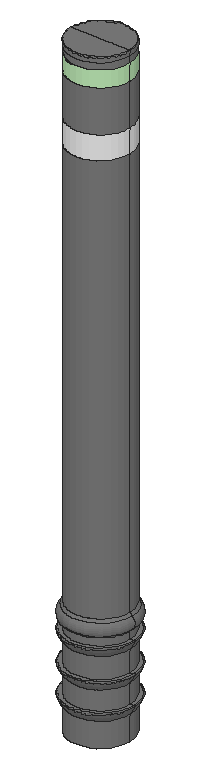
Revit family "Pilona Flexible HFLEX LED", category Furniture, Revit 2020
Family settings
  OmniClass Number = 23.40.20.00
  OmniClass Title = General Furniture and Specialties
  Work Plane-Based = No
  Always vertical = Yes
  Cut with Voids When Loaded = No
  Shared = No
  Room Calculation Point = No
Parameters (values of type "Pilona Flexible Luminosa Con LED-HFLEXLED-1040mm")
  URL_Producto = "https://www.benito.com/es/mobiliario-urbano/pilonas-flexibles/flexible-luminosa-con-led--HFLEXLED.html"
  Type Comments = "Se fabrica en variante fija o móvil con bases de poliuretano o de acero inoxidable. También en versión con peana para instalación atornillada.\r\nSupera una flexión de 1500 ciclos a 45º y 50 ciclos a 90º, sin daños. Clasificación “E” de comportamiento al fuego, según norma UNE-EN\r\n13501-1:2007+A1:2010.\r\nResistente a -50º según norma UNE ISO 812.\r\nAnclaje recomendado: Mediante encastamiento."
  Referencia = "HFLEXLED"
  Material LED = LED verde
  Material = Poliuretano flexible
  H1 = 0.190 m
  H = 1.040 m
  Ficha_Tecnica = "https://www.benito.com/es/download/data-sheet-HFLEXLED"
  Fabricante = "BENITO URBAN SL"
  Description = "Pilona luminosa con LED, fabricada en poliuretano flexible en color negro (opcional en rojo, verde, amarillo o azul), resistente a los rayos UV, con\r\nuna banda reflectante"
  Default Elevation = 0.000 m
  A = 0.100 m
Reference planes (m)
  plane 1 "Center (Front/Back)": y = 0
  plane 2: z = 0
  plane 3 "Center (Left/Right)": x = 0
  plane 4: z = 0.19
  plane 5: z = 1.04
  plane 6: z = 0.257255
  plane 7: z = 1.297255
  plane 8: x = -0.05
  plane 9: x = 0.05
Forms (m)
  Revolve 1, solid, material "Poliuretano flexible" <- "Material"
    sketch origin (0, 0, 0) x (1, 0, 0) y (0, 0, 1)
      loop
        line (0, 1.04) -> (-0.049323, 1.04)
        arc (-0.049323, 1.04) -> (-0.049802, 1.039802) -> (-0.05, 1.039323) r 0.000677
        line (-0.05, 1.039323) -> (-0.05, 1.032259) -> (-0.049003, 1.032259) -> (-0.049003, 0.994487) -> (-0.05, 0.994487) -> (-0.05, 0.923484) -> (-0.045, 0.923484) -> (-0.045, 0.885) -> (-0.05, 0.885) -> (-0.05, 0.195) -> (-0.053124, 0.19)
        arc (-0.053124, 0.19) -> (-0.057818, 0.181282) -> (-0.056428, 0.171479) r 0.015864
        arc (-0.056428, 0.171479) -> (-0.053527, 0.169448) -> (-0.05, 0.16914) r 0.00684
        line (-0.05, 0.16914) -> (-0.05, 0.15414) -> (-0.057057, 0.15414)
        arc (-0.057057, 0.15414) -> (-0.058064, 0.153602) -> (-0.058175, 0.152466) r 0.00121
        arc (-0.058175, 0.152466) -> (-0.05459, 0.145349) -> (-0.05, 0.138834) r 0.054196
        line (-0.05, 0.138834) -> (-0.05, 0.103834) -> (-0.057057, 0.103834)
        arc (-0.057057, 0.103834) -> (-0.058064, 0.103296) -> (-0.058175, 0.102161) r 0.00121
        arc (-0.058175, 0.102161) -> (-0.05459, 0.095044) -> (-0.05, 0.088529) r 0.054196
        line (-0.05, 0.088529) -> (-0.05, 0.05643) -> (-0.057057, 0.05643)
        arc (-0.057057, 0.05643) -> (-0.058064, 0.055892) -> (-0.058175, 0.054757) r 0.00121
        arc (-0.058175, 0.054757) -> (-0.05459, 0.047639) -> (-0.05, 0.041125) r 0.054196
        line (-0.05, 0.041125) -> (-0.05, 0) -> (0, 0) -> (0, 1.04)
      axis (0, 1.04) -> (0, 0)
    angle from 0 to 360
  Revolve 2, solid, material "LED verde" <- "Material LED"
    sketch origin (0, 0, -0.017767) x (1, 0, 0) y (0, 0, 1)
      loop
        line (-0.05, 1.038456) -> (-0.05, 1.011835) -> (-0.049003, 1.011835) -> (-0.049003, 1.038456) -> (-0.05, 1.038456)
      axis (0, 1.011835) -> (0, 1.038456)
    angle from 0 to 360
  Revolve 3, solid, material "Aluminium"
    sketch origin (0, 0, 0) x (1, 0, 0) y (0, 0, 1)
      loop
        line (-0.05, 0.923484) -> (-0.05, 0.885) -> (-0.045, 0.885) -> (-0.045, 0.923484) -> (-0.05, 0.923484)
      axis (0, 0.885) -> (0, 0.923484)
    angle from 0 to 360
Dimensions and locks (m)
  plane 5 to level = 1.040 m
  plane 8 to plane 9 = 0.100 m
  plane 4 to level = 0.190 m
  aligned and locked: level to plane 2
